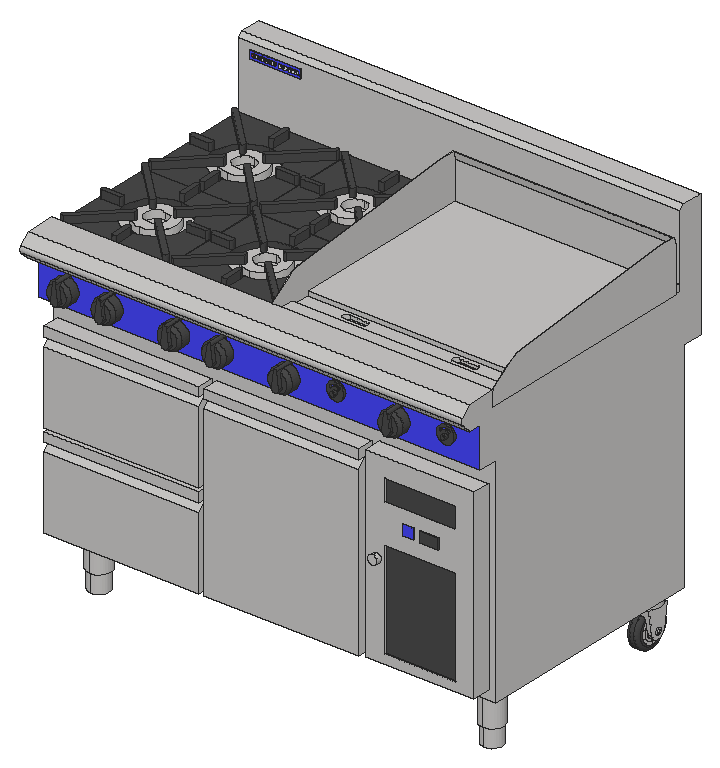
Revit family "QF_MOFFAT_BLUESEAL_CE_G518B-RB", category Specialty Equipment, Revit 2012
Parameters
  Weight in Pounds = 435  # constant formula
  Watts = 250 W
  Volts = 230 V
  URL Cutsheet = "www.moffat.com"
  URL = "www.moffat.com"
  Type Mark [instance] = ""
  Status [instance] = ""
  Specification by User [instance] = ""
  Specification by Manufacturer = ""
  Show Logo [instance] = yes
  Show Clearance [instance] = yes
  Show Casters [instance] = yes
  Serial Number = ""
  Seismic Rating = ""
  SMACNA No = ""
  Revision Code [instance] = ""
  Refrigerant Type = "R134a"
  Phase = 1
  Omniclass Number and Title = ""
  Number of Poles = 1
  NAFEM Spec ID Number = ""
  Model = "G518B-RB"
  Min Ckt Ampacity = 0 A
  Mechanical Remarks [instance] = ""
  Mechanical Connection Type [instance] = ""
  Max Overcurrent Protection = 0 A
  Masterspec = ""
  Manufacturer = "MOFFAT BLUESEAL"
  Legs [instance] = not(Show Casters)  # no
  Item Number [instance] = ""
  Installed By [instance] = ""
  Identify Quantity as Lot [instance] = yes
  HP = ""
  Gas Size = 3/4"
  Gas RI Height [instance] = 0.0 mm
  Gas KW [instance] = 40
  Gas Input [instance] = 137000.0 Btu/h
  Gas Connection Height = 0.0 mm
  Furnished By [instance] = ""
  Foodservice Equipment Identifier [instance] = yes
  FL Amps = 1.8 A
  Elec Conn RI Height = 0.0 mm
  Elec Conn Connection Height = 0.0 mm
  Description = "1200MM GAS COOK TOP ON REFRIGERATED BASE"
  Cycle = 50 Hz
  Conn Plug = ""
  Conn Conduit = yes
  CSI MasterFormat = ""
  CSI Master Format = ""
  Body Height [instance] = 915.0 mm
  Base Height [instance] = 150.0 mm
  Apparent Power = if(Phase = 3, Volts * FL Amps * 1.73, Volts * FL Amps)  # 414 VA
Reference planes
  plane 1 "BACK": y = 0
  plane 2: z = 0
  plane 3 "LEFT": x = 0
  plane 4 "RIGHT": x = 1200
  plane 5 "FRONT": y = -812
  plane 6 "TOP": z = 970
  plane 7 "Center Y": x = 600
  plane 8 "Center X": y = -406
  plane 9 "Base Height": z = 150
  plane 10: x = 1134
  plane 11: x = 65
  plane 12: z = 915
  plane 13: x = 1181
  plane 14: x = 973
  plane 15: y = -625
  plane 16: y = -100
  plane 17: z = 1085
Forms (mm)
  Extrusion 1, solid, material "QF_Finishes_Stainless Steel"
    sketch origin (0, 0, 0) x (0, 1, 0) y (0, 0, 1)
      loop
        line (0, 740) -> (0, 1085) -> (-57.5, 1085) -> (-70, 1072.5) -> (-70, 875) -> (-705, 875) -> (-705, 915) -> (-783.97, 915) -> (-808.485, 890.485)
        arc (-808.485, 890.485) -> (-811.999, 882) -> (-808.485, 873.515) r 12
        line (-808.485, 873.515) -> (-784.97, 850) -> (-749, 850) -> (-749, 740) -> (-697, 740) -> (-697, 150) -> (-57, 150) -> (-57, 740) -> (0, 740)
    from 0 to 1200
  Extrusion 2, solid, material "QF_Finishes_Stainless Steel"
    sketch origin (705, 3, 100) x (1, 0, 0) y (0, 1, 0)
      loop
        circle (365, -35) r 13.5
    from 555 to 640
  Revolve 3, solid, material "QF_Finishes_Black"
    sketch origin (89.687, 0, 759.972) x (0, 1, 0) y (0, 0, -1)
      loop
        line (-789, -69.5) -> (-766, -69.5) -> (-766, -42) -> (-756, -42) -> (-756, -37) -> (-800, -37) -> (-800, -63.651) -> (-789, -69.5)
      axis (-800, -37) -> (-756, -37)
    angle from 0 to 360
  Extrusion 4, solid, material "QF_Finishes_Black"
    sketch origin (227.956, 0, 760.13) x (-1, 0, 0) y (0, 0, -1)
      loop
        line (127.537, -26.064) -> (132.958, -68.983)
        arc (132.958, -68.983) -> (137.956, -73.87) -> (142.955, -68.983) r 5
        line (142.955, -68.983) -> (148.444, -24.898)
        arc (148.444, -24.898) -> (137.372, -14.399) -> (127.537, -26.064) r 10.487
    from 759 to 808
  Revolve 5, solid, material "QF_Finishes_Stainless Steel"
    sketch origin (65, -735, 0) x (0, 1, 0) y (0, 0, 1)
      loop
        line (78.25, 150) -> (78.25, 50) -> (82.5, 50) -> (82.5, 0) -> (110, 0) -> (110, 150) -> (78.25, 150)
      axis (110, 150) -> (110, 0)
    angle from 0 to 360
  Revolve 6, solid, material "QF_Finishes_Stainless Steel"
    sketch origin (1134, -735, 0) x (0, 1, 0) y (0, 0, -1)
      loop
        line (78.25, -150) -> (110, -150) -> (110, 0) -> (82.5, 0) -> (82.5, -50) -> (78.25, -50) -> (78.25, -150)
      axis (110, -150) -> (110, 0)
    angle from 0 to 360
  Extrusion 7, solid, material "QF_Finishes_Stainless Steel"
    sketch origin (0, 0, 0) x (0, 1, 0) y (0, 0, 1)
      loop
        line (-754, 678) -> (-754, 653) -> (-709.18, 653) -> (-709.18, 678) -> (-754, 678)
      loop
        line (-754, 421) -> (-754, 396) -> (-709.18, 396) -> (-709.18, 421) -> (-754, 421)
    from 19 to 439
  Extrusion 8, solid, material "QF_Finishes_Stainless Steel"
    sketch origin (0, -697, 222.5) x (0, 0, -1) y (1, 0, 0)
      loop
        line (-455.5, 1181) -> (-455.5, 887) -> (48.5, 887) -> (48.5, 1181) -> (-455.5, 1181)
      loop
        line (23.5, 1131) -> (-241.5, 1131) -> (-241.5, 937) -> (23.5, 937) -> (23.5, 1131)
      loop
        line (-405.5, 1131) -> (-405.5, 937) -> (-345.5, 937) -> (-345.5, 1131) -> (-405.5, 1131)
    from 0 to 48
  Extrusion 9, solid, material "QF_Finishes_Black"
    sketch origin (0, -745, 222.5) x (0, 0, -1) y (1, 0, 0)
      loop
        line (-311.04, 1035.003) -> (-281.04, 1035.003) -> (-281.04, 1083.315) -> (-311.04, 1083.315) -> (-311.04, 1035.003)
    from 0 to 1
  Extrusion 10, solid, material "QF_Finishes_Stainless Steel"
    sketch origin (0, -745, 222.5) x (0, 0, -1) y (1, 0, 0)
      loop
        circle (-202.271, 914.856) r 12.395
    from 0 to 12.7
  Extrusion 11, solid, material "QF_Finishes_Vents"
    sketch origin (0, -697, 222.5) x (0, 0, 1) y (1, 0, 0)
      loop
        line (345.5, 937) -> (405.5, 937) -> (405.5, 1131) -> (345.5, 1131) -> (345.5, 937)
      loop
        line (241.5, 937) -> (241.5, 1131) -> (-23.5, 1131) -> (-23.5, 937) -> (241.5, 937)
    from 0 to -44.529
  Extrusion 12, solid, material "QF_Door-Drawer Clearances", visible <- "Show Clearance", detail levels coarse
    sketch origin (0, -747, 174) x (0, 0, 1) y (-1, 0, 0)
      loop
        line (0, -19) -> (0, -439) -> (247, -439) -> (247, -19) -> (0, -19)
      loop
        line (257, -19) -> (257, -439) -> (504, -439) -> (504, -19) -> (257, -19)
    from 0 to 304.8
  Extrusion 13, solid, material "QF_Finishes_Stainless Steel"
    sketch origin (0, 0, 0) x (0, 1, 0) y (0, 0, 1)
      loop
        line (-709.18, 174) -> (-709.18, 650.613) -> (-731.387, 650.613) -> (-754, 628) -> (-754, 174) -> (-709.18, 174)
    from 453 to 873
  Extrusion 14, solid, material "QF_Door-Drawer Clearances", visible <- "Show Clearance", detail levels coarse
    sketch origin (0, -754, 174) x (1, 0, 0) y (0, -1, 0)
      loop
        line (453, 0) -> (873, 0) -> (873, 420)
        arc (873, 420) -> (576.015, 296.985) -> (453, 0) r 420
    from 0 to -504
  Extrusion 15, solid, material "QF_Finishes_Stainless Steel"
    sketch origin (0, -57, 735) x (0, 0, 1) y (1, 0, 0)
      loop
        circle (-315, 920) r 6.35
    from 0 to 1.6
  Extrusion 16, solid, material "QF_Finishes_Stainless Steel"
    sketch origin (0, 0, 0) x (0, 1, 0) y (0, 0, 1)
      loop
        line (-754, 431) -> (-709.18, 431) -> (-709.18, 650.613) -> (-731.387, 650.613) -> (-754, 628) -> (-754, 431)
      loop
        line (-754, 174) -> (-709.18, 174) -> (-709.18, 393.613) -> (-731.387, 393.613) -> (-754, 371) -> (-754, 174)
    from 19 to 439
  Extrusion 17, solid, material "QF_Finishes_Stainless Steel"
    sketch origin (0, 0, 0) x (0, 1, 0) y (0, 0, 1)
      loop
        line (-709.18, 653) -> (-709.18, 678) -> (-754, 678) -> (-754, 653) -> (-709.18, 653)
    from 453 to 873
  Revolve 18, solid, material "QF_Finishes_Black"
    sketch origin (210, 0, 760) x (0, 1, 0) y (0, 0, -1)
      loop
        line (-789, -69.5) -> (-766, -69.5) -> (-766, -42) -> (-756, -42) -> (-756, -37) -> (-800, -37) -> (-800, -63.651) -> (-789, -69.5)
      axis (-800, -37) -> (-756, -37)
    angle from 0 to 360
  Extrusion 19, solid, material "QF_Finishes_Black"
    sketch origin (348.27, 0, 760.158) x (-1, 0, 0) y (0, 0, -1)
      loop
        line (127.537, -26.064) -> (132.958, -68.983)
        arc (132.958, -68.983) -> (137.956, -73.87) -> (142.955, -68.983) r 5
        line (142.955, -68.983) -> (148.444, -24.898)
        arc (148.444, -24.898) -> (137.372, -14.399) -> (127.537, -26.064) r 10.487
    from 759 to 808
  Revolve 20, solid, material "QF_Finishes_Black"
    sketch origin (390, 0, 760) x (0, 1, 0) y (0, 0, -1)
      loop
        line (-789, -69.5) -> (-766, -69.5) -> (-766, -42) -> (-756, -42) -> (-756, -37) -> (-800, -37) -> (-800, -63.651) -> (-789, -69.5)
      axis (-800, -37) -> (-756, -37)
    angle from 0 to 360
  Extrusion 21, solid, material "QF_Finishes_Black"
    sketch origin (528.27, 0, 760.158) x (-1, 0, 0) y (0, 0, -1)
      loop
        line (127.537, -26.064) -> (132.958, -68.983)
        arc (132.958, -68.983) -> (137.956, -73.87) -> (142.955, -68.983) r 5
        line (142.955, -68.983) -> (148.444, -24.898)
        arc (148.444, -24.898) -> (137.372, -14.399) -> (127.537, -26.064) r 10.487
    from 759 to 808
  Revolve 22, solid, material "QF_Finishes_Black"
    sketch origin (690, 0, 760) x (0, 1, 0) y (0, 0, -1)
      loop
        line (-789, -69.5) -> (-766, -69.5) -> (-766, -42) -> (-756, -42) -> (-756, -37) -> (-800, -37) -> (-800, -63.651) -> (-789, -69.5)
      axis (-800, -37) -> (-756, -37)
    angle from 0 to 360
  Extrusion 23, solid, material "QF_Finishes_Black"
    sketch origin (828.27, 0, 760.158) x (-1, 0, 0) y (0, 0, -1)
      loop
        line (127.537, -26.064) -> (132.958, -68.983)
        arc (132.958, -68.983) -> (137.956, -73.87) -> (142.955, -68.983) r 5
        line (142.955, -68.983) -> (148.444, -24.898)
        arc (148.444, -24.898) -> (137.372, -14.399) -> (127.537, -26.064) r 10.487
    from 759 to 808
  Revolve 24, solid, material "QF_Finishes_Black"
    sketch origin (990, 0, 760) x (0, 1, 0) y (0, 0, -1)
      loop
        line (-789, -69.5) -> (-766, -69.5) -> (-766, -42) -> (-756, -42) -> (-756, -37) -> (-800, -37) -> (-800, -63.651) -> (-789, -69.5)
      axis (-800, -37) -> (-756, -37)
    angle from 0 to 360
  Extrusion 25, solid, material "QF_Finishes_Black"
    sketch origin (1128.27, 0, 760.158) x (-1, 0, 0) y (0, 0, -1)
      loop
        line (127.537, -26.064) -> (132.958, -68.983)
        arc (132.958, -68.983) -> (137.956, -73.87) -> (142.955, -68.983) r 5
        line (142.955, -68.983) -> (148.444, -24.898)
        arc (148.444, -24.898) -> (137.372, -14.399) -> (127.537, -26.064) r 10.487
    from 759 to 808
  Revolve 26, solid, material "QF_Finishes_Black"
    sketch origin (510.313, 0, 760.028) x (0, 1, 0) y (0, 0, -1)
      loop
        line (-789, -69.5) -> (-766, -69.5) -> (-766, -42) -> (-756, -42) -> (-756, -37) -> (-800, -37) -> (-800, -63.651) -> (-789, -69.5)
      axis (-800, -37) -> (-756, -37)
    angle from 0 to 360
  Extrusion 27, solid, material "QF_Finishes_Black"
    sketch origin (648.583, 0, 760.186) x (-1, 0, 0) y (0, 0, -1)
      loop
        line (127.537, -26.064) -> (132.958, -68.983)
        arc (132.958, -68.983) -> (137.956, -73.87) -> (142.955, -68.983) r 5
        line (142.955, -68.983) -> (148.444, -24.898)
        arc (148.444, -24.898) -> (137.372, -14.399) -> (127.537, -26.064) r 10.487
    from 759 to 808
  Revolve 28, solid, material "QF_Finishes_Stainless Steel", visible <- "Legs"
    sketch origin (65.5, -166, 0) x (0, 1, 0) y (0, 0, 1)
      loop
        line (34.25, 150) -> (34.25, 50) -> (38.5, 50) -> (38.5, 0) -> (66, 0) -> (66, 150) -> (34.25, 150)
      axis (66, 150) -> (66, 0)
    angle from 0 to 360
  Revolve 29, solid, material "QF_Finishes_Stainless Steel", visible <- "Show Casters"
    sketch origin (16.276, -100.755, -12.8) x (1, 0, 0) y (0, 0, 1)
      loop
        line (14.841, 63.604) -> (83.584, 63.604) -> (83.584, 67.109) -> (82.314, 68.379) -> (80.79, 68.379) -> (80.79, 71.826) -> (68.644, 71.826) -> (68.644, 81.79) -> (65.088, 83.843) -> (63.738, 92.179) -> (65.881, 92.179) -> (65.881, 98.529) -> (65.088, 98.529) -> (65.088, 104.879)
        arc (65.088, 104.879) -> (62.298, 111.614) -> (55.563, 114.404) r 9.525
        line (55.563, 114.404) -> (42.863, 114.404)
        arc (42.863, 114.404) -> (36.127, 111.614) -> (33.338, 104.879) r 9.525
        line (33.338, 104.879) -> (33.338, 98.529) -> (32.544, 98.529) -> (32.544, 92.179) -> (34.687, 92.179) -> (33.352, 83.932) -> (29.782, 81.871) -> (29.782, 71.826) -> (17.635, 71.826) -> (17.635, 68.379) -> (16.111, 68.379) -> (14.841, 67.109) -> (14.841, 63.604)
      axis (14.841, 63.604) -> (83.584, 63.604)
    angle from 0 to 360
  Extrusion 30, solid, material "QF_Finishes_Stainless Steel", visible <- "Show Casters"
    sketch origin (72.001, 132.353, -8.783) x (0, 1, 0) y (0, 0, 1)
      loop
        line (-200.603, 118.783) -> (-264.103, 118.783) -> (-251.746, 53.895)
        arc (-251.746, 53.895) -> (-232.353, 38.783) -> (-212.959, 53.895) r 20
        line (-212.959, 53.895) -> (-200.603, 118.783)
    from -35.667 to 22.923
  Revolve 31, solid, material "QF_Finishes_Stainless Steel", visible <- "Show Casters"
    sketch origin (65.5, -204, 0) x (0, 1, 0) y (0, 0, 1)
      loop
        line (68.25, 150) -> (68.25, 110) -> (104, 110) -> (104, 150) -> (68.25, 150)
      axis (104, 150) -> (104, 110)
    angle from 0 to 360
  Revolve 32, solid, material "QF_Finishes_Stainless Steel", visible <- "Legs"
    sketch origin (65.5, -166, 0) x (0, 1, 0) y (0, 0, 1)
      loop
        line (34.25, 150) -> (34.25, 50) -> (38.5, 50) -> (38.5, 0) -> (66, 0) -> (66, 150) -> (34.25, 150)
      axis (66, 150) -> (66, 0)
    angle from 0 to 360
  Revolve 33, solid, material "QF_Finishes_Stainless Steel", visible <- "Legs"
    sketch origin (1134.5, -166, 0) x (0, 1, 0) y (0, 0, -1)
      loop
        line (34.25, -150) -> (66, -150) -> (66, 0) -> (38.5, 0) -> (38.5, -50) -> (34.25, -50) -> (34.25, -150)
      axis (66, -150) -> (66, 0)
    angle from 0 to 360
  Revolve 34, solid, material "QF_Finishes_Stainless Steel", visible <- "Show Casters"
    sketch origin (1183.724, -100.755, -12.8) x (-1, 0, 0) y (0, 0, -1)
      loop
        line (14.841, -63.604) -> (14.841, -67.109) -> (16.111, -68.379) -> (17.635, -68.379) -> (17.635, -71.826) -> (29.782, -71.826) -> (29.782, -81.871) -> (33.352, -83.932) -> (34.687, -92.179) -> (32.544, -92.179) -> (32.544, -98.529) -> (33.338, -98.529) -> (33.338, -104.879)
        arc (33.338, -104.879) -> (36.127, -111.614) -> (42.863, -114.404) r 9.525
        line (42.863, -114.404) -> (55.563, -114.404)
        arc (55.563, -114.404) -> (62.298, -111.614) -> (65.088, -104.879) r 9.525
        line (65.088, -104.879) -> (65.088, -98.529) -> (65.881, -98.529) -> (65.881, -92.179) -> (63.738, -92.179) -> (65.088, -83.843) -> (68.644, -81.79) -> (68.644, -71.826) -> (80.79, -71.826) -> (80.79, -68.379) -> (82.314, -68.379) -> (83.584, -67.109) -> (83.584, -63.604) -> (14.841, -63.604)
      axis (14.841, -63.604) -> (83.584, -63.604)
    angle from 0 to 360
  Extrusion 35, solid, material "QF_Finishes_Stainless Steel", visible <- "Show Casters"
    sketch origin (1127.999, 132.353, -8.783) x (0, 1, 0) y (0, 0, -1)
      loop
        line (-200.603, -118.783) -> (-212.959, -53.895)
        arc (-212.959, -53.895) -> (-232.353, -38.783) -> (-251.746, -53.895) r 20
        line (-251.746, -53.895) -> (-264.103, -118.783) -> (-200.603, -118.783)
    from -35.667 to 22.923
  Revolve 36, solid, material "QF_Finishes_Stainless Steel", visible <- "Show Casters"
    sketch origin (1134.5, -204, 0) x (0, 1, 0) y (0, 0, -1)
      loop
        line (68.25, -150) -> (104, -150) -> (104, -110) -> (68.25, -110) -> (68.25, -150)
      axis (104, -150) -> (104, -110)
    angle from 0 to 360
  Revolve 37, solid, material "QF_Finishes_Stainless Steel", visible <- "Legs"
    sketch origin (1134.5, -166, 0) x (0, 1, 0) y (0, 0, -1)
      loop
        line (34.25, -150) -> (66, -150) -> (66, 0) -> (38.5, 0) -> (38.5, -50) -> (34.25, -50) -> (34.25, -150)
      axis (66, -150) -> (66, 0)
    angle from 0 to 360
  Extrusion 38, solid, material "QF_Finishes_Black"
    sketch origin (0, -749, 850) x (0, 0, -1) y (1, 0, 0)
      loop
        circle (53, 810) r 23.9
      loop
        circle (53, 1110) r 23.9
      loop
        arc (45.641, 1118.419) -> (46.501, 1123.219) -> (41.701, 1124.079) r 3.448
        arc (41.701, 1124.079) -> (35.116, 1109.341) -> (42.919, 1095.209) r 18.095
        arc (42.919, 1095.209) -> (47.641, 1096.491) -> (46.326, 1101.204) r 3.448
        arc (46.326, 1101.204) -> (42.758, 1109.683) -> (45.641, 1118.419) r 13.109
      loop
        arc (45.641, 818.419) -> (46.501, 823.219) -> (41.701, 824.079) r 3.448
        arc (41.701, 824.079) -> (35.116, 809.341) -> (42.919, 795.209) r 18.095
        arc (42.919, 795.209) -> (47.641, 796.491) -> (46.326, 801.204) r 3.448
        arc (46.326, 801.204) -> (42.758, 809.683) -> (45.641, 818.419) r 13.109
    from 0 to 5
  Extrusion 39, solid, material "QF_Finishes_Black"
    sketch origin (0, -754, 850) x (0, 0, -1) y (1, 0, 0)
      loop
        circle (56.5, 810) r 5.75
      loop
        circle (56.5, 1110) r 5.75
    from 0 to 10
  Extrusion 40, solid, material "QF_Finishes_Blue"
    sketch origin (0, -745, 222.5) x (0, 0, -1) y (1, 0, 0)
      loop
        line (-311.04, 987.426) -> (-281.04, 987.426) -> (-281.04, 1017.426) -> (-311.04, 1017.426) -> (-311.04, 987.426)
    from 0 to 1
Lines and regions (mm)
  Split face 1
    outline origin (0, -22, 1085) x (0, 1, 0) y (-1, 0, 0)
      loop
        arc (-23.385, -1164.794) -> (-18.385, -1173.455) -> (-8.385, -1173.455) r 10
        line (-8.385, -1173.455) -> (-1.385, -1169.413)
        arc (-1.385, -1169.413) -> (2.275, -1165.753) -> (3.615, -1160.753) r 10
        line (3.615, -1160.753) -> (3.615, -932.794)
        arc (3.615, -932.794) -> (-1.385, -924.134) -> (-11.385, -924.134) r 10
        line (-11.385, -924.134) -> (-18.385, -928.176)
        arc (-18.385, -928.176) -> (-22.045, -931.836) -> (-23.385, -936.836) r 10
        line (-23.385, -936.836) -> (-23.385, -1164.794)
  Split face 2
    outline origin (0, -22, 1085) x (0, 1, 0) y (-1, 0, 0)
      loop
        arc (-23.385, -864.794) -> (-18.385, -873.455) -> (-8.385, -873.455) r 10
        line (-8.385, -873.455) -> (-1.385, -869.413)
        arc (-1.385, -869.413) -> (2.275, -865.753) -> (3.615, -860.753) r 10
        line (3.615, -860.753) -> (3.615, -632.794)
        arc (3.615, -632.794) -> (-1.385, -624.134) -> (-11.385, -624.134) r 10
        line (-11.385, -624.134) -> (-18.385, -628.176)
        arc (-18.385, -628.176) -> (-22.045, -631.836) -> (-23.385, -636.836) r 10
        line (-23.385, -636.836) -> (-23.385, -864.794)
  Split face 3
    outline origin (0, -22, 1085) x (0, 1, 0) y (-1, 0, 0)
      loop
        arc (-23.385, -564.794) -> (-18.385, -573.455) -> (-8.385, -573.455) r 10
        line (-8.385, -573.455) -> (-1.385, -569.413)
        arc (-1.385, -569.413) -> (2.275, -565.753) -> (3.615, -560.753) r 10
        line (3.615, -560.753) -> (3.615, -332.794)
        arc (3.615, -332.794) -> (-1.385, -324.134) -> (-11.385, -324.134) r 10
        line (-11.385, -324.134) -> (-18.385, -328.176)
        arc (-18.385, -328.176) -> (-22.045, -331.836) -> (-23.385, -336.836) r 10
        line (-23.385, -336.836) -> (-23.385, -564.794)
  Split face 4
    outline origin (0, -22, 1085) x (0, 1, 0) y (-1, 0, 0)
      loop
        arc (-23.385, -264.794) -> (-18.385, -273.455) -> (-8.385, -273.455) r 10
        line (-8.385, -273.455) -> (-1.385, -269.413)
        arc (-1.385, -269.413) -> (2.275, -265.753) -> (3.615, -260.753) r 10
        line (3.615, -260.753) -> (3.615, -32.794)
        arc (3.615, -32.794) -> (-1.385, -24.134) -> (-11.385, -24.134) r 10
        line (-11.385, -24.134) -> (-18.385, -28.176)
        arc (-18.385, -28.176) -> (-22.045, -31.836) -> (-23.385, -36.836) r 10
        line (-23.385, -36.836) -> (-23.385, -264.794)
  symbolic lines, style "QF_Door-Drawer Clearances"
    curve 1: line (19, -812, 150) -> (19, -1058.8, 150)
    curve 2: line (19, -1058.8, 150) -> (439, -1058.8, 150)
    curve 3: line (439, -1058.8, 150) -> (439, -812, 150)
    curve 4: arc (512.99, -970.316, 150) -> (477.409, -895.095, 150) -> (457.356, -814.336, 150) r 420
    curve 5: line (776.472, -812, 150) -> (512.99, -970.316, 150)
  symbolic lines, style "SpecialityEquipmentHiddenLines", visible <- "Show Casters"
    curve 6: line (78.456, -46.735, 0) -> (105.952, -62.61, 0)
    curve 7: line (27.656, -134.723, 0) -> (78.456, -46.735, 0)
    curve 8: line (55.152, -150.598, 0) -> (27.656, -134.723, 0)
    curve 9: line (105.952, -62.61, 0) -> (55.152, -150.598, 0)
    curve 10: line (1125.152, -150.598, 0) -> (1097.656, -134.723, 0)
    curve 11: line (1175.952, -62.61, 0) -> (1125.152, -150.598, 0)
    curve 52: line (1148.456, -46.735, 0) -> (1097.656, -134.723, 0)
    curve 53: line (1175.952, -62.61, 0) -> (1148.456, -46.735, 0)
  symbolic lines
    curve 12: line (32.794, -18.385, 0) -> (260.753, -18.385, 0)
    curve 13: arc (260.753, -18.385, 0) -> (265.753, -19.725, 0) -> (269.413, -23.385, 0) r 10
    curve 14: line (269.413, -23.385, 0) -> (273.455, -30.385, 0)
    curve 15: arc (273.455, -30.385, 0) -> (273.455, -40.385, 0) -> (264.794, -45.385, 0) r 10
    curve 16: line (264.794, -45.385, 0) -> (36.836, -45.385, 0)
    curve 17: arc (36.836, -45.385, 0) -> (31.836, -44.045, 0) -> (28.176, -40.385, 0) r 10
    curve 18: line (28.176, -40.385, 0) -> (24.134, -33.385, 0)
    curve 19: arc (24.134, -33.385, 0) -> (24.134, -23.385, 0) -> (32.794, -18.385, 0) r 10
    curve 20: line (560.753, -18.385, 0) -> (332.794, -18.385, 0)
    curve 21: arc (332.794, -18.385, 0) -> (324.134, -23.385, 0) -> (324.134, -33.385, 0) r 10
    curve 22: line (324.134, -33.385, 0) -> (328.176, -40.385, 0)
    curve 23: arc (328.176, -40.385, 0) -> (331.836, -44.045, 0) -> (336.836, -45.385, 0) r 10
    curve 24: line (336.836, -45.385, 0) -> (564.794, -45.385, 0)
    curve 25: arc (564.794, -45.385, 0) -> (573.455, -40.385, 0) -> (573.455, -30.385, 0) r 10
    curve 26: line (573.455, -30.385, 0) -> (569.413, -23.385, 0)
    curve 27: arc (569.413, -23.385, 0) -> (565.753, -19.725, 0) -> (560.753, -18.385, 0) r 10
    curve 28: line (632.794, -18.385, 0) -> (860.753, -18.385, 0)
    curve 29: arc (860.753, -18.385, 0) -> (865.753, -19.725, 0) -> (869.413, -23.385, 0) r 10
    curve 30: line (869.413, -23.385, 0) -> (873.455, -30.385, 0)
    curve 31: arc (873.455, -30.385, 0) -> (873.455, -40.385, 0) -> (864.794, -45.385, 0) r 10
    curve 32: line (864.794, -45.385, 0) -> (636.836, -45.385, 0)
    curve 33: arc (636.836, -45.385, 0) -> (631.836, -44.045, 0) -> (628.176, -40.385, 0) r 10
    curve 34: line (628.176, -40.385, 0) -> (624.134, -33.385, 0)
    curve 35: arc (624.134, -33.385, 0) -> (624.134, -23.385, 0) -> (632.794, -18.385, 0) r 10
    curve 36: line (1160.753, -18.385, 0) -> (932.794, -18.385, 0)
    curve 37: arc (932.794, -18.385, 0) -> (924.134, -23.385, 0) -> (924.134, -33.385, 0) r 10
    curve 38: line (924.134, -33.385, 0) -> (928.176, -40.385, 0)
    curve 39: arc (928.176, -40.385, 0) -> (931.836, -44.045, 0) -> (936.836, -45.385, 0) r 10
    curve 40: line (936.836, -45.385, 0) -> (1164.794, -45.385, 0)
    curve 41: arc (1164.794, -45.385, 0) -> (1173.455, -40.385, 0) -> (1173.455, -30.385, 0) r 10
    curve 42: line (1173.455, -30.385, 0) -> (1169.413, -23.385, 0)
    curve 43: arc (1169.413, -23.385, 0) -> (1165.753, -19.725, 0) -> (1160.753, -18.385, 0) r 10
    curve 44: line (1200, 0, 0) -> (0, 0, 0)
    curve 45: line (1200, -57, 0) -> (0, -57, 0)
    curve 46: line (0, -70, 0) -> (1200, -70, 0)
    curve 47: line (-1, -705, 0) -> (1199, -705, 0)
    curve 48: line (0, -783.97, 0) -> (1200, -783.97, 0)
    curve 49: line (0, -811.999, 0) -> (1200, -811.999, 0)
    curve 50: line (1200, -811.999, 0) -> (1200, 0, 0)
    curve 51: line (0, 0, 0) -> (0, -811.999, 0)
Dimensions and locks
  equal spacing: plane 3 "LEFT", plane 7 "Center Y", plane 4 "RIGHT"
  plane 3 "LEFT" to plane 4 "RIGHT" = 1200.0 mm
  equal spacing: plane 5 "FRONT", plane 8 "Center X", plane 1 "BACK"
  plane 5 "FRONT" to plane 1 "BACK" = 812.0 mm
  "Base Height": plane 9 "Base Height" to level
  plane 6 "TOP" to level = 970.0 mm
  plane 10 to plane 11 = 1069.0 mm
  level to Extrusion 2 = 655.0 mm
  Extrusion 1 to Extrusion 7 = 19.0 mm
  Extrusion 8 sketch curve to Extrusion 8 sketch curve = 294.0 mm
  plane 15 to plane 16 = 525.0 mm
  plane 17 to plane 2 = 1085.0 mm
  Extrusion 15 sketch curve to plane 4 "RIGHT" = 280.0 mm
  Extrusion 15 sketch curve to plane 2 = 420.0 mm
  Revolve 29 sketch curve to Revolve 29 sketch curve = 50.8 mm
  Revolve 34 sketch curve to Revolve 34 sketch curve = 50.8 mm
  aligned and locked: level to plane 2
Automatic sketch dimensions
  curve 45 to plane 3 "LEFT" = 0.0 mm
  curve 48 to plane 4 "RIGHT" = 0.0 mm
  plane 1 "BACK" to curve 44 = 0.0 mm
  curve 47 to plane 3 "LEFT" = 1.0 mm
  plane 3 "LEFT" to curve 18 = 24.134 mm
  plane 3 "LEFT" to curve 8 = 27.656 mm
  curve 19 to curve 17 = 4.041 mm
  curve 18 to curve 19 = 8.66 mm
  curve 17 to curve 17 = 8.66 mm
  curve 8 to plane 11 = 9.848 mm
  plane 11 to curve 7 = 13.456 mm
  plane 1 "BACK" to curve 12 = 18.385 mm
  curve 6 to curve 12 = 154.801 mm
  curve 13 to curve 15 = 4.041 mm  (x2)
  curve 13 to curve 13 = 8.66 mm
  curve 14 to curve 21 = 50.679 mm
  curve 22 to curve 23 = 4.041 mm
  curve 21 to curve 21 = 8.66 mm
  curve 23 to curve 23 = 8.66 mm
  plane 1 "BACK" to curve 27 = 18.385 mm
  curve 27 to plane 7 "Center Y" = 39.247 mm
  curve 27 to curve 24 = 4.041 mm
  plane 1 "BACK" to curve 26 = 23.385 mm
  curve 27 to curve 26 = 8.66 mm
  curve 26 to curve 25 = 4.041 mm
  plane 7 "Center Y" to curve 35 = 24.134 mm
  curve 35 to curve 34 = 4.041 mm
  curve 34 to curve 28 = 8.66 mm
  curve 33 to curve 32 = 8.66 mm
  plane 1 "BACK" to curve 29 = 18.385 mm
  curve 29 to plane 14 = 112.247 mm
  curve 29 to curve 31 = 4.041 mm
  curve 29 to curve 29 = 8.66 mm
  plane 1 "BACK" to curve 30 = 30.385 mm
  curve 29 to curve 30 = 4.041 mm
  curve 38 to plane 14 = 48.866 mm
  curve 37 to curve 38 = 4.041 mm
  curve 37 to curve 37 = 8.66 mm
  curve 37 to curve 39 = 4.041 mm
  curve 52 to plane 10 = 36.344 mm
  curve 10 to plane 10 = 8.848 mm
  plane 10 to curve 53 = 14.456 mm
  curve 52 to curve 43 = 12.297 mm
  curve 43 to curve 41 = 4.041 mm
  curve 36 to curve 42 = 8.66 mm
  curve 43 to curve 42 = 4.041 mm
  plane 4 "RIGHT" to curve 47 = 1.0 mm
  curve 34 to curve 28 = 15.0 mm
  curve 18 to curve 12 = 15.0 mm
  curve 21 to curve 20 = 15.0 mm
  plane 1 "BACK" to curve 38 = 33.385 mm
  curve 31 to curve 31 = 5.0 mm
  curve 25 to curve 27 = 7.0 mm
  curve 15 to curve 12 = 17.0 mm
  curve 17 to curve 19 = 7.0 mm
  curve 33 to curve 35 = 7.0 mm
  curve 23 to curve 21 = 7.0 mm
  plane 1 "BACK" to curve 41 = 35.385 mm
  curve 39 to curve 37 = 2.0 mm
  curve 39 to curve 37 = 7.0 mm  (x2)
  curve 18 to curve 19 = 7.0 mm
  curve 22 to curve 22 = 7.0 mm
  curve 53 to curve 41 = 1.35 mm
  curve 6 to curve 17 = 1.35 mm
  curve 45 to curve 40 = 11.615 mm
  curve 53 to curve 41 = 17.225 mm
  curve 6 to curve 6 = 15.875 mm
  curve 46 to curve 45 = 13.0 mm
  curve 47 to plane 15 = 80.0 mm
  curve 48 to plane 5 "FRONT" = 28.03 mm
  curve 51 to plane 5 "FRONT" = 0.001 mm
  curve 31 to curve 29 = 7.0 mm
  curve 15 to curve 13 = 7.0 mm
  curve 41 to curve 43 = 7.0 mm
  Extrusion 1 sketch curve to plane 12 = 0.0 mm
  Extrusion 1 sketch curve to plane 9 "Base Height" = 0.0 mm
  Extrusion 1 sketch curve to plane 17 = 0.0 mm
  Extrusion 1 sketch curve to plane 1 "BACK" = 0.0 mm
  plane 16 to Extrusion 1 sketch curve = 43.0 mm
  plane 16 to Extrusion 1 sketch curve = 42.5 mm
  Extrusion 1 sketch curve to Extrusion 1 sketch curve = 12.5 mm
  Extrusion 1 sketch curve to plane 15 = 72.0 mm
  Extrusion 1 sketch curve to plane 15 = 80.0 mm
  Extrusion 1 sketch curve to Extrusion 1 sketch curve = 52.0 mm
  Extrusion 1 sketch curve to plane 5 "FRONT" = 28.03 mm
  Extrusion 1 sketch curve to plane 5 "FRONT" = 27.03 mm
  Extrusion 1 sketch curve to plane 5 "FRONT" = 12.001 mm
  Extrusion 1 sketch curve to plane 5 "FRONT" = 3.515 mm  (x2)
  Extrusion 1 sketch curve to plane 12 = 175.0 mm  (x2)
  Extrusion 1 sketch curve to plane 12 = 65.0 mm
  Extrusion 1 sketch curve to Extrusion 1 sketch curve = 23.515 mm
  Extrusion 1 sketch curve to Extrusion 1 sketch curve = 40.0 mm
  Extrusion 1 sketch curve to Extrusion 1 sketch curve = 8.485 mm
  Extrusion 1 sketch curve to plane 17 = 12.5 mm
  plane 1 "BACK" to Extrusion 2 sketch curve = 32.0 mm
  Extrusion 2 sketch curve to plane 10 = 64.0 mm
  Revolve 3 sketch curve to plane 5 "FRONT" = 12.0 mm
  Revolve 3 sketch curve to Revolve 3 sketch curve = 0.0 mm  (x2)
  Revolve 3 sketch curve to Revolve 3 sketch curve = 11.0 mm
  Revolve 3 sketch curve to Revolve 3 sketch curve = 12.7 mm
  Revolve 3 sketch curve to Revolve 3 sketch curve = 23.0 mm
  Revolve 3 sketch curve to Revolve 3 sketch curve = 10.0 mm
  Revolve 3 sketch curve to plane 12 = 85.528 mm
  Revolve 3 sketch curve to Revolve 3 sketch curve = 5.849 mm
  Revolve 3 sketch curve to Revolve 3 sketch curve = 27.5 mm
  Revolve 3 sketch curve to Revolve 3 sketch curve = 5.0 mm
  plane 11 to Extrusion 4 sketch curve = 35.419 mm
  plane 11 to Extrusion 4 sketch curve = 29.999 mm
  Extrusion 4 sketch curve to Extrusion 4 sketch curve = 10.419 mm
  Extrusion 4 sketch curve to Extrusion 4 sketch curve = 4.999 mm  (x2)
  Extrusion 4 sketch curve to Extrusion 4 sketch curve = 10.487 mm
  Extrusion 4 sketch curve to plane 12 = 85.887 mm
  Extrusion 4 sketch curve to Extrusion 4 sketch curve = 0.113 mm
  Extrusion 4 sketch curve to Extrusion 4 sketch curve = 42.919 mm
  Extrusion 4 sketch curve to Extrusion 4 sketch curve = 1.167 mm
  Revolve 5 sketch curve to plane 9 "Base Height" = 0.0 mm
  Revolve 5 sketch curve to level = 0.0 mm
  Revolve 5 sketch curve to plane 15 = 0.0 mm  (x2)
  Revolve 5 sketch curve to plane 15 = 27.5 mm
  Revolve 5 sketch curve to Revolve 5 sketch curve = 31.75 mm
  Revolve 5 sketch curve to Revolve 5 sketch curve = 55.0 mm
  level to Revolve 5 sketch curve = 50.0 mm
  Revolve 5 sketch curve to Revolve 5 sketch curve = 0.0 mm
  Revolve 6 sketch curve to plane 9 "Base Height" = 0.0 mm
  Revolve 6 sketch curve to level = 0.0 mm
  Revolve 6 sketch curve to plane 15 = 0.0 mm  (x2)
  Revolve 6 sketch curve to plane 15 = 27.5 mm
  Revolve 6 sketch curve to plane 15 = 31.75 mm
  level to Revolve 6 sketch curve = 50.0 mm
  Revolve 6 sketch curve to Revolve 6 sketch curve = 0.0 mm
  Revolve 6 sketch curve to Revolve 6 sketch curve = 55.0 mm
  Extrusion 7 sketch curve to plane 5 "FRONT" = 58.0 mm  (x2)
  Extrusion 7 sketch curve to Extrusion 7 sketch curve = 44.82 mm  (x2)
  plane 9 "Base Height" to Extrusion 7 sketch curve = 246.0 mm
  Extrusion 7 sketch curve to Extrusion 7 sketch curve = 25.0 mm  (x2)
  Extrusion 7 sketch curve to Extrusion 7 sketch curve = 232.0 mm
  Extrusion 8 sketch curve to Extrusion 1 = 62.0 mm
  Extrusion 8 sketch curve to Extrusion 8 sketch curve = 50.0 mm  (x3)
  Extrusion 8 sketch curve to Extrusion 8 sketch curve = 60.0 mm
  Extrusion 8 sketch curve to Extrusion 8 sketch curve = 104.0 mm
  Extrusion 1 to Extrusion 8 sketch curve = 49.0 mm
  Extrusion 1 to Extrusion 8 sketch curve = 24.0 mm
  Extrusion 1 to Extrusion 8 sketch curve = 313.0 mm
  Extrusion 8 sketch curve to Extrusion 8 sketch curve = 0.0 mm
  Extrusion 1 to Extrusion 8 sketch curve = 69.0 mm
  Extrusion 9 sketch curve to Extrusion 8 = 34.46 mm
  Extrusion 8 to Extrusion 9 sketch curve = 47.685 mm
  Extrusion 8 to Extrusion 10 sketch curve = 39.229 mm
  Extrusion 10 sketch curve to Extrusion 8 = 22.144 mm
  Extrusion 11 sketch curve to Extrusion 8 = 0.0 mm  (x6)
  Extrusion 8 to Extrusion 11 sketch curve = 0.0 mm  (x2)
  plane 9 "Base Height" to Extrusion 12 sketch curve = 24.0 mm
  Extrusion 12 sketch curve to Extrusion 12 sketch curve = 247.0 mm
  Extrusion 12 sketch curve to Extrusion 12 sketch curve = 10.0 mm
  plane 3 "LEFT" to Extrusion 12 sketch curve = 19.0 mm  (x2)
  Extrusion 12 sketch curve to plane 12 = 237.0 mm
  Extrusion 12 sketch curve to plane 7 "Center Y" = 161.0 mm
  Extrusion 12 sketch curve to Extrusion 12 sketch curve = 0.0 mm
  Extrusion 13 sketch curve to plane 5 "FRONT" = 58.0 mm
  Extrusion 13 sketch curve to Extrusion 13 sketch curve = 22.613 mm  (x2)
  Extrusion 13 sketch curve to Extrusion 13 sketch curve = 22.207 mm
  plane 9 "Base Height" to Extrusion 13 sketch curve = 24.0 mm
  Extrusion 13 sketch curve to plane 12 = 287.0 mm
  Extrusion 14 sketch curve to Extrusion 13 = 0.0 mm  (x3)
  plane 5 "FRONT" to curve 5 = 0.0 mm
  plane 5 "FRONT" to curve 3 = 0.0 mm
  plane 5 "FRONT" to curve 1 = 0.0 mm
  curve 4 to plane 14 = 100.0 mm
  curve 4 to curve 5 = 96.528 mm
  curve 4 to plane 7 "Center Y" = 87.01 mm
  plane 5 "FRONT" to curve 4 = 2.336 mm
  curve 4 to plane 7 "Center Y" = 142.644 mm
  curve 4 to curve 3 = 18.356 mm
  plane 3 "LEFT" to curve 1 = 19.0 mm
  curve 4 to plane 5 "FRONT" = 58.0 mm
  curve 1 to curve 2 = 246.8 mm
  Extrusion 16 sketch curve to plane 5 "FRONT" = 58.0 mm  (x2)
  Extrusion 16 sketch curve to Extrusion 16 sketch curve = 22.613 mm  (x4)
  Extrusion 16 sketch curve to Extrusion 16 sketch curve = 22.207 mm
  Extrusion 16 sketch curve to Extrusion 16 sketch curve = 44.82 mm
  plane 9 "Base Height" to Extrusion 16 sketch curve = 24.0 mm
  Extrusion 16 sketch curve to Extrusion 16 sketch curve = 197.0 mm  (x2)
  Extrusion 16 sketch curve to Extrusion 16 sketch curve = 37.387 mm
  Extrusion 17 sketch curve to plane 5 "FRONT" = 58.0 mm
  Extrusion 17 sketch curve to Extrusion 17 sketch curve = 44.82 mm
  Extrusion 17 sketch curve to plane 12 = 262.0 mm
  Extrusion 17 sketch curve to Extrusion 17 sketch curve = 25.0 mm
  Revolve 18 sketch curve to plane 5 "FRONT" = 12.0 mm
  Revolve 18 sketch curve to Revolve 18 sketch curve = 0.0 mm  (x2)
  Revolve 18 sketch curve to Revolve 18 sketch curve = 11.0 mm
  Revolve 18 sketch curve to Revolve 18 sketch curve = 12.7 mm
  Revolve 18 sketch curve to Revolve 18 sketch curve = 23.0 mm
  Revolve 18 sketch curve to Revolve 18 sketch curve = 10.0 mm
  Revolve 18 sketch curve to plane 12 = 85.5 mm
  Revolve 18 sketch curve to Revolve 18 sketch curve = 5.849 mm
  Revolve 18 sketch curve to Revolve 18 sketch curve = 27.5 mm
  Revolve 18 sketch curve to Revolve 18 sketch curve = 5.0 mm
  plane 11 to Extrusion 19 sketch curve = 155.733 mm
  Extrusion 19 sketch curve to Extrusion 19 sketch curve = 5.421 mm
  Extrusion 19 sketch curve to Extrusion 19 sketch curve = 10.419 mm
  Extrusion 19 sketch curve to Extrusion 19 sketch curve = 4.999 mm  (x2)
  Extrusion 19 sketch curve to plane 12 = 85.859 mm
  Extrusion 19 sketch curve to Extrusion 19 sketch curve = 10.487 mm
  Extrusion 19 sketch curve to Extrusion 19 sketch curve = 0.113 mm
  Extrusion 19 sketch curve to Extrusion 19 sketch curve = 42.919 mm
  Extrusion 19 sketch curve to Extrusion 19 sketch curve = 1.167 mm
  Revolve 20 sketch curve to plane 5 "FRONT" = 12.0 mm
  Revolve 20 sketch curve to Revolve 20 sketch curve = 0.0 mm  (x2)
  Revolve 20 sketch curve to Revolve 20 sketch curve = 11.0 mm
  Revolve 20 sketch curve to Revolve 20 sketch curve = 12.7 mm
  Revolve 20 sketch curve to Revolve 20 sketch curve = 23.0 mm
  Revolve 20 sketch curve to Revolve 20 sketch curve = 10.0 mm
  Revolve 20 sketch curve to plane 12 = 85.5 mm
  Revolve 20 sketch curve to Revolve 20 sketch curve = 5.849 mm
  Revolve 20 sketch curve to Revolve 20 sketch curve = 27.5 mm
  Revolve 20 sketch curve to Revolve 20 sketch curve = 5.0 mm
  Extrusion 21 sketch curve to plane 7 "Center Y" = 199.267 mm
  Extrusion 21 sketch curve to Extrusion 21 sketch curve = 5.421 mm
  Extrusion 21 sketch curve to Extrusion 21 sketch curve = 10.419 mm
  Extrusion 21 sketch curve to Extrusion 21 sketch curve = 4.999 mm  (x2)
  Extrusion 21 sketch curve to plane 12 = 85.859 mm
  Extrusion 21 sketch curve to Extrusion 21 sketch curve = 10.487 mm
  Extrusion 21 sketch curve to Extrusion 21 sketch curve = 0.113 mm
  Extrusion 21 sketch curve to Extrusion 21 sketch curve = 42.919 mm
  Extrusion 21 sketch curve to Extrusion 21 sketch curve = 1.167 mm
  Revolve 22 sketch curve to plane 5 "FRONT" = 12.0 mm
  Revolve 22 sketch curve to Revolve 22 sketch curve = 0.0 mm  (x2)
  Revolve 22 sketch curve to Revolve 22 sketch curve = 11.0 mm
  Revolve 22 sketch curve to Revolve 22 sketch curve = 12.7 mm
  Revolve 22 sketch curve to Revolve 22 sketch curve = 23.0 mm
  Revolve 22 sketch curve to Revolve 22 sketch curve = 10.0 mm
  Revolve 22 sketch curve to plane 12 = 85.5 mm
  Revolve 22 sketch curve to Revolve 22 sketch curve = 5.849 mm
  Revolve 22 sketch curve to Revolve 22 sketch curve = 27.5 mm
  Revolve 22 sketch curve to Revolve 22 sketch curve = 5.0 mm
  plane 7 "Center Y" to Extrusion 23 sketch curve = 100.733 mm
  Extrusion 23 sketch curve to Extrusion 23 sketch curve = 5.421 mm
  Extrusion 23 sketch curve to Extrusion 23 sketch curve = 10.419 mm
  Extrusion 23 sketch curve to Extrusion 23 sketch curve = 4.999 mm  (x2)
  Extrusion 23 sketch curve to Extrusion 23 sketch curve = 10.487 mm
  Extrusion 23 sketch curve to plane 12 = 85.859 mm
  Extrusion 23 sketch curve to Extrusion 23 sketch curve = 0.113 mm
  Extrusion 23 sketch curve to Extrusion 23 sketch curve = 42.919 mm
  Extrusion 23 sketch curve to Extrusion 23 sketch curve = 1.167 mm
  Revolve 24 sketch curve to plane 5 "FRONT" = 12.0 mm
  Revolve 24 sketch curve to Revolve 24 sketch curve = 0.0 mm  (x2)
  Revolve 24 sketch curve to Revolve 24 sketch curve = 11.0 mm
  Revolve 24 sketch curve to Revolve 24 sketch curve = 12.7 mm
  Revolve 24 sketch curve to Revolve 24 sketch curve = 23.0 mm
  Revolve 24 sketch curve to Revolve 24 sketch curve = 10.0 mm
  Revolve 24 sketch curve to plane 12 = 85.5 mm
  Revolve 24 sketch curve to Revolve 24 sketch curve = 5.849 mm
  Revolve 24 sketch curve to Revolve 24 sketch curve = 27.5 mm
  Revolve 24 sketch curve to Revolve 24 sketch curve = 5.0 mm
  plane 14 to Extrusion 25 sketch curve = 27.733 mm
  plane 14 to Extrusion 25 sketch curve = 22.312 mm
  Extrusion 25 sketch curve to Extrusion 25 sketch curve = 10.419 mm
  Extrusion 25 sketch curve to Extrusion 25 sketch curve = 4.999 mm  (x2)
  plane 14 to Extrusion 25 sketch curve = 6.826 mm
  Extrusion 25 sketch curve to plane 12 = 85.859 mm
  Extrusion 25 sketch curve to Extrusion 25 sketch curve = 0.113 mm
  Extrusion 25 sketch curve to Extrusion 25 sketch curve = 42.919 mm
  Extrusion 25 sketch curve to Extrusion 25 sketch curve = 1.167 mm
  Revolve 26 sketch curve to plane 5 "FRONT" = 12.0 mm
  Revolve 26 sketch curve to Revolve 26 sketch curve = 0.0 mm  (x2)
  Revolve 26 sketch curve to Revolve 26 sketch curve = 11.0 mm
  Revolve 26 sketch curve to Revolve 26 sketch curve = 12.7 mm
  Revolve 26 sketch curve to Revolve 26 sketch curve = 23.0 mm
  Revolve 26 sketch curve to Revolve 26 sketch curve = 10.0 mm
  Revolve 26 sketch curve to plane 12 = 85.472 mm
  Revolve 26 sketch curve to Revolve 26 sketch curve = 5.849 mm
  Revolve 26 sketch curve to Revolve 26 sketch curve = 27.5 mm
  Revolve 26 sketch curve to Revolve 26 sketch curve = 5.0 mm
  Extrusion 27 sketch curve to plane 7 "Center Y" = 78.954 mm
  Extrusion 27 sketch curve to Extrusion 27 sketch curve = 5.421 mm
  Extrusion 27 sketch curve to Extrusion 27 sketch curve = 10.419 mm
  Extrusion 27 sketch curve to Extrusion 27 sketch curve = 4.999 mm  (x2)
  Extrusion 27 sketch curve to plane 12 = 85.831 mm
  Extrusion 27 sketch curve to Extrusion 27 sketch curve = 10.487 mm
  Extrusion 27 sketch curve to Extrusion 27 sketch curve = 0.113 mm
  Extrusion 27 sketch curve to Extrusion 27 sketch curve = 42.919 mm
  Extrusion 27 sketch curve to Extrusion 27 sketch curve = 1.167 mm
  Revolve 28 sketch curve to plane 9 "Base Height" = 0.0 mm
  Revolve 28 sketch curve to level = 0.0 mm
  Revolve 28 sketch curve to plane 16 = 0.0 mm  (x2)
  Revolve 28 sketch curve to plane 16 = 27.5 mm
  Revolve 28 sketch curve to plane 16 = 31.75 mm
  Revolve 28 sketch curve to Revolve 28 sketch curve = 55.0 mm
  level to Revolve 28 sketch curve = 50.0 mm
  Revolve 28 sketch curve to Revolve 28 sketch curve = 0.0 mm
  plane 3 "LEFT" to Revolve 29 sketch curve = 31.118 mm
  Revolve 29 sketch curve to Revolve 29 sketch curve = 1.27 mm  (x4)
  Revolve 29 sketch curve to Revolve 29 sketch curve = 1.524 mm  (x2)
  Revolve 29 sketch curve to Revolve 29 sketch curve = 12.146 mm  (x2)
  Revolve 29 sketch curve to plane 11 = 16.18 mm
  Revolve 29 sketch curve to Revolve 29 sketch curve = 0.794 mm  (x2)
  Revolve 29 sketch curve to Revolve 29 sketch curve = 3.57 mm
  Revolve 29 sketch curve to Revolve 29 sketch curve = 2.143 mm
  Revolve 29 sketch curve to plane 11 = 5.861 mm
  plane 11 to Revolve 29 sketch curve = 5.63 mm
  plane 11 to Revolve 29 sketch curve = 6.839 mm
  plane 11 to Revolve 29 sketch curve = 15.015 mm
  Revolve 29 sketch curve to Revolve 29 sketch curve = 1.349 mm  (x2)
  Revolve 29 sketch curve to Revolve 29 sketch curve = 3.556 mm
  Revolve 29 sketch curve to Revolve 29 sketch curve = 33.32 mm
  level to Revolve 29 sketch curve = 50.804 mm
  Revolve 29 sketch curve to Revolve 29 sketch curve = 0.0 mm
  Revolve 29 sketch curve to Revolve 29 sketch curve = 3.505 mm  (x2)
  Revolve 29 sketch curve to Revolve 29 sketch curve = 3.447 mm  (x2)
  Revolve 29 sketch curve to Revolve 29 sketch curve = 9.964 mm
  Revolve 29 sketch curve to Revolve 29 sketch curve = 10.045 mm
  Revolve 29 sketch curve to Revolve 29 sketch curve = 2.053 mm
  Revolve 29 sketch curve to Revolve 29 sketch curve = 2.061 mm
  Revolve 29 sketch curve to Revolve 29 sketch curve = 8.247 mm
  Revolve 29 sketch curve to Revolve 29 sketch curve = 8.336 mm
  Revolve 29 sketch curve to Revolve 29 sketch curve = 6.35 mm  (x2)
  Extrusion 30 sketch curve to plane 16 = 0.0 mm
  Extrusion 30 sketch curve to plane 16 = 19.393 mm
  Extrusion 30 sketch curve to plane 16 = 31.75 mm
  plane 16 to Extrusion 30 sketch curve = 19.393 mm
  plane 16 to Extrusion 30 sketch curve = 31.75 mm
  level to Extrusion 30 sketch curve = 45.111 mm
  Extrusion 30 sketch curve to Extrusion 30 sketch curve = 4.889 mm
  Extrusion 30 sketch curve to plane 9 "Base Height" = 40.0 mm
  Revolve 31 sketch curve to plane 9 "Base Height" = 0.0 mm
  Revolve 31 sketch curve to plane 16 = 0.0 mm  (x2)
  Revolve 31 sketch curve to plane 16 = 35.75 mm
  Revolve 31 sketch curve to plane 9 "Base Height" = 40.0 mm
  level to Revolve 31 sketch curve = 50.0 mm
  Revolve 31 sketch curve to level = 55.0 mm
  Revolve 32 sketch curve to plane 9 "Base Height" = 0.0 mm
  Revolve 32 sketch curve to level = 0.0 mm
  Revolve 32 sketch curve to plane 16 = 0.0 mm  (x2)
  Revolve 32 sketch curve to Revolve 32 sketch curve = 27.5 mm
  Revolve 32 sketch curve to Revolve 32 sketch curve = 31.75 mm
  Revolve 32 sketch curve to Revolve 32 sketch curve = 55.0 mm
  level to Revolve 32 sketch curve = 50.0 mm
  Revolve 32 sketch curve to Revolve 32 sketch curve = 0.0 mm
  Revolve 33 sketch curve to plane 9 "Base Height" = 0.0 mm
  Revolve 33 sketch curve to level = 0.0 mm
  Revolve 33 sketch curve to plane 16 = 0.0 mm  (x2)
  Revolve 33 sketch curve to plane 16 = 27.5 mm
  Revolve 33 sketch curve to plane 16 = 31.75 mm
  level to Revolve 33 sketch curve = 50.0 mm
  Revolve 33 sketch curve to Revolve 33 sketch curve = 0.0 mm
  Revolve 33 sketch curve to Revolve 33 sketch curve = 55.0 mm
  plane 4 "RIGHT" to Revolve 34 sketch curve = 31.118 mm
  Revolve 34 sketch curve to Revolve 34 sketch curve = 1.27 mm  (x4)
  Revolve 34 sketch curve to Revolve 34 sketch curve = 1.524 mm  (x2)
  Revolve 34 sketch curve to Revolve 34 sketch curve = 12.146 mm  (x2)
  Revolve 34 sketch curve to Revolve 34 sketch curve = 2.762 mm
  Revolve 34 sketch curve to Revolve 34 sketch curve = 0.794 mm  (x2)
  Revolve 34 sketch curve to Revolve 34 sketch curve = 3.57 mm
  Revolve 34 sketch curve to Revolve 34 sketch curve = 2.143 mm
  plane 10 to Revolve 34 sketch curve = 6.861 mm
  Revolve 34 sketch curve to plane 10 = 4.63 mm
  Revolve 34 sketch curve to plane 10 = 5.839 mm
  Revolve 34 sketch curve to plane 10 = 14.015 mm
  Revolve 34 sketch curve to Revolve 34 sketch curve = 1.349 mm  (x2)
  Revolve 34 sketch curve to Revolve 34 sketch curve = 3.556 mm
  Revolve 34 sketch curve to Revolve 34 sketch curve = 33.32 mm
  Revolve 34 sketch curve to plane 9 "Base Height" = 48.396 mm
  Revolve 34 sketch curve to Revolve 34 sketch curve = 6.35 mm  (x4)
  Revolve 34 sketch curve to Revolve 34 sketch curve = 8.247 mm
  Revolve 34 sketch curve to Revolve 34 sketch curve = 8.336 mm
  Revolve 34 sketch curve to Revolve 34 sketch curve = 2.061 mm
  Revolve 34 sketch curve to Revolve 34 sketch curve = 2.053 mm
  Revolve 34 sketch curve to Revolve 34 sketch curve = 10.045 mm
  Revolve 34 sketch curve to Revolve 34 sketch curve = 9.964 mm
  Revolve 34 sketch curve to Revolve 34 sketch curve = 3.447 mm  (x2)
  Revolve 34 sketch curve to Revolve 34 sketch curve = 3.505 mm
  Extrusion 35 sketch curve to plane 16 = 0.0 mm
  Extrusion 35 sketch curve to plane 16 = 19.393 mm
  Extrusion 35 sketch curve to plane 16 = 31.75 mm
  plane 16 to Extrusion 35 sketch curve = 19.393 mm
  plane 16 to Extrusion 35 sketch curve = 31.75 mm
  Extrusion 35 sketch curve to plane 9 "Base Height" = 40.0 mm
  level to Extrusion 35 sketch curve = 50.0 mm
  Extrusion 35 sketch curve to Extrusion 35 sketch curve = 4.889 mm
  Revolve 36 sketch curve to plane 9 "Base Height" = 0.0 mm
  Revolve 36 sketch curve to plane 16 = 0.0 mm  (x2)
  Revolve 36 sketch curve to plane 16 = 35.75 mm
  Revolve 36 sketch curve to plane 9 "Base Height" = 40.0 mm
  level to Revolve 36 sketch curve = 50.0 mm
  Revolve 36 sketch curve to level = 55.0 mm
  Revolve 37 sketch curve to plane 9 "Base Height" = 0.0 mm
  Revolve 37 sketch curve to level = 0.0 mm
  Revolve 37 sketch curve to plane 16 = 0.0 mm  (x2)
  Revolve 37 sketch curve to Revolve 37 sketch curve = 27.5 mm
  Revolve 37 sketch curve to Revolve 37 sketch curve = 31.75 mm
  level to Revolve 37 sketch curve = 50.0 mm
  Revolve 37 sketch curve to Revolve 37 sketch curve = 0.0 mm
  Revolve 37 sketch curve to Revolve 37 sketch curve = 55.0 mm
  Split face 1 sketch curve to Extrusion 1 = 12.115 mm
  Split face 1 sketch curve to Split face 1 sketch curve = 5.0 mm  (x3)
  Split face 1 sketch curve to Split face 1 sketch curve = 10.0 mm  (x2)
  Split face 1 sketch curve to Split face 1 sketch curve = 7.0 mm  (x4)
  Split face 1 sketch curve to Extrusion 1 = 26.545 mm
  Split face 1 sketch curve to Split face 1 sketch curve = 4.041 mm  (x2)
  Split face 1 sketch curve to Split face 1 sketch curve = 223.917 mm
  Split face 2 sketch curve to Extrusion 1 = 12.115 mm
  Split face 2 sketch curve to Split face 2 sketch curve = 5.0 mm  (x3)
  Split face 2 sketch curve to Split face 2 sketch curve = 10.0 mm  (x2)
  Split face 2 sketch curve to Split face 2 sketch curve = 7.0 mm  (x4)
  Split face 2 sketch curve to Extrusion 1 = 326.545 mm
  Split face 2 sketch curve to Split face 2 sketch curve = 4.041 mm  (x2)
  Split face 2 sketch curve to Split face 2 sketch curve = 223.917 mm
  Split face 3 sketch curve to Extrusion 1 = 12.115 mm
  Split face 3 sketch curve to Split face 3 sketch curve = 5.0 mm  (x3)
  Split face 3 sketch curve to Split face 3 sketch curve = 10.0 mm  (x2)
  Split face 3 sketch curve to Split face 3 sketch curve = 7.0 mm  (x4)
  Split face 3 sketch curve to Extrusion 1 = 573.455 mm
  Split face 3 sketch curve to Split face 3 sketch curve = 4.041 mm  (x2)
  Split face 3 sketch curve to Split face 3 sketch curve = 223.917 mm
  Split face 4 sketch curve to Extrusion 1 = 12.115 mm
  Split face 4 sketch curve to Split face 4 sketch curve = 5.0 mm  (x3)
  Split face 4 sketch curve to Split face 4 sketch curve = 10.0 mm  (x2)
  Split face 4 sketch curve to Split face 4 sketch curve = 7.0 mm  (x4)
  Split face 4 sketch curve to Extrusion 1 = 273.455 mm
  Split face 4 sketch curve to Split face 4 sketch curve = 4.041 mm  (x2)
  Split face 4 sketch curve to Extrusion 1 = 36.836 mm
  Extrusion 38 sketch curve to plane 12 = 106.701 mm  (x2)
  Extrusion 38 sketch curve to plane 10 = 9.921 mm
  Extrusion 38 sketch curve to Extrusion 38 sketch curve = 1.218 mm  (x2)
  Extrusion 38 sketch curve to Extrusion 38 sketch curve = 1.97 mm  (x4)
  Extrusion 38 sketch curve to Extrusion 38 sketch curve = 1.724 mm  (x2)
  Extrusion 38 sketch curve to Extrusion 38 sketch curve = 1.683 mm  (x2)
  Extrusion 38 sketch curve to Extrusion 38 sketch curve = 6.674 mm  (x2)
  Extrusion 38 sketch curve to Extrusion 38 sketch curve = 0.195 mm  (x2)
  Extrusion 38 sketch curve to Extrusion 38 sketch curve = 2.662 mm  (x2)
  Extrusion 38 sketch curve to Extrusion 38 sketch curve = 2.83 mm  (x2)
  Extrusion 38 sketch curve to Extrusion 38 sketch curve = 8.215 mm  (x2)
  Extrusion 38 sketch curve to Extrusion 38 sketch curve = 0.102 mm  (x2)
  Extrusion 38 sketch curve to Extrusion 38 sketch curve = 0.103 mm  (x2)
  Extrusion 38 sketch curve to plane 14 = 148.921 mm
  Extrusion 39 sketch curve to Extrusion 39 sketch curve = 0.0 mm
  Extrusion 39 sketch curve to Extrusion 39 sketch curve = 300.0 mm
  Extrusion 40 sketch curve to Extrusion 8 = 34.46 mm
  Extrusion 40 sketch curve to Extrusion 40 sketch curve = 30.0 mm  (x2)
  Extrusion 8 to Extrusion 40 sketch curve = 50.426 mm
  Extrusion 9 sketch curve to Extrusion 9 sketch curve = 30.0 mm
  Extrusion 9 sketch curve to Extrusion 9 sketch curve = 48.312 mm
  radius of Extrusion 2 sketch curve = 13.5 mm
  radius of Extrusion 10 sketch curve = 12.395 mm
  radius of Extrusion 15 sketch curve = 6.35 mm
  radius of Extrusion 38 sketch curve = 23.9 mm  (x2)
  radius of Extrusion 39 sketch curve = 5.75 mm  (x2)
Nested families
  nested 1: "WALDORF LOGO_FACE BASE" at (32, -70, 1057.076) x (1, 0, 0) z (0, -1, 0), visible <- "Show Logo", type "WALDORF LOGO_FACE BASE", detail levels medium+fine
    with Show Logo yes
  nested 2: "GAS BURNER 600 & GRIDDLE 600" at (0, -70, 874.5), type "GAS BURNER 600 & GRIDDLE 600"
    with Width 1200.0 mm, Type Mark "", Status "", Specification by User "", Revision Code "", Item Number "", Installed By "", Identify Quantity as Lot yes, Furnished By "", Foodservice Equipment Identifier yes, Depth 635.0 mm
Connectors
  piping at (1070, -32, 655)
    settings: on Extrusion 2, index 1, connector radius 0.37402", flow factor 0, pipe flow 0 GPM, pressure drop 0.00 psi, fitting loss kfactor 0, connector angle 0.00°, fixture units 0, engagement length 0.0 mm, flow configuration 1, flow direction 1, fitting loss method 0, system type 7, joint type 0, gender type 0, connector reference index -1, connector utility 0, adjustable connector no, is connector primary yes, fitting loss table "", connector description "GAS CONNECTION"
  electrical at (920, -55.4, 420), driven by "Volts", driven by "Watts"
    settings: on Extrusion 15, index 2, voltage 230 V, apparent load 250 VA, apparent load phase1 0 VA, apparent load phase2 0 VA, apparent load phase3 0 VA, power factor 1, load classification "Other", number of poles 1, system type 30, power factor state 1, is connector primary yes, connector utility no, sub classification motor no, connector description "ELECTRICAL CONNECTION"
Definition of nested family "WALDORF LOGO_FACE BASE"
  Parameters (values of type "WALDORF LOGO_FACE BASE")
    Show Logo [instance] = yes
    Default Elevation = 1219.2 mm
  Reference planes
    plane 1 "Center (Front/Back)": y = 0
    plane 2: z = 0
    plane 3 "Center (Left/Right)": x = 0
  Forms (mm)
    Extrusion 1, solid
      sketch origin (0, 0, 0) x (1, 0, 0) y (0, 1, 0)
        loop
          line (-1219.2, 1219.2) -> (-1219.2, -1219.2) -> (1219.2, -1219.2) -> (1219.2, 1219.2) -> (-1219.2, 1219.2)
      from 0 to -304.8
    Extrusion 2, solid, material "QF_Finishes_Blue", visible <- "Show Logo"
      sketch origin (0, -33.217, 0) x (1, 0, 0) y (0, 1, 0)
        loop
          arc (138, 31.942) -> (137.626, 32.844) -> (136.724, 33.217) r 1.276
          line (136.724, 33.217) -> (1.29, 33.217)
          arc (1.29, 33.217) -> (0.378, 32.839) -> (0, 31.927) r 1.29
          line (0, 31.927) -> (0, 11.507)
          arc (0, 11.507) -> (0.378, 10.595) -> (1.29, 10.217) r 1.29
          line (1.29, 10.217) -> (136.71, 10.217)
          arc (136.71, 10.217) -> (137.622, 10.595) -> (138, 11.507) r 1.29
          line (138, 11.507) -> (138, 31.942)
      from 0 to 1.588
    Extrusion 3, solid, material "QF_Finishes_White", visible <- "Show Logo"
      sketch origin (0, -33.217, 1.588) x (1, 0, 0) y (0, 1, 0)
        loop
          arc (108.946, 25.919) -> (107.613, 25.367) -> (107.061, 24.034) r 1.885
          line (107.061, 24.034) -> (107.061, 17.211) -> (112.704, 17.211) -> (112.704, 19.129) -> (115.546, 19.129) -> (115.546, 17.211) -> (121.584, 17.211) -> (121.584, 24.075)
          arc (121.584, 24.075) -> (121.043, 25.379) -> (119.739, 25.919) r 1.845
          line (119.739, 25.919) -> (108.946, 25.919)
        loop
          line (123.478, 25.919) -> (123.478, 17.163) -> (134.904, 17.163) -> (134.904, 19.129) -> (129.246, 19.129) -> (129.246, 25.919) -> (123.478, 25.919)
        loop
          line (112.704, 21.258) -> (115.546, 21.258) -> (115.546, 22.702)
          arc (115.546, 22.702) -> (115.344, 23.188) -> (114.858, 23.389) r 0.687
          line (114.858, 23.389) -> (113.363, 23.389)
          arc (113.363, 23.389) -> (112.897, 23.196) -> (112.704, 22.73) r 0.658
          line (112.704, 22.73) -> (112.704, 21.258)
        loop
          line (105.071, 25.919) -> (93.771, 25.919) -> (93.771, 17.163) -> (105.071, 17.163) -> (105.071, 19.063) -> (99.535, 19.063) -> (99.535, 20.437) -> (105.071, 20.437) -> (105.071, 22.278) -> (99.535, 22.278) -> (99.535, 23.587) -> (105.071, 23.587) -> (105.071, 25.919)
        loop
          line (91.104, 25.919) -> (79.541, 25.919)
          arc (79.541, 25.919) -> (78.558, 25.513) -> (78.152, 24.53) r 1.389
          line (78.152, 24.53) -> (78.152, 22.08)
          arc (78.152, 22.08) -> (78.558, 21.098) -> (79.541, 20.691) r 1.389
          line (79.541, 20.691) -> (86.346, 20.691) -> (86.346, 18.864) -> (83.266, 18.864) -> (83.266, 19.664) -> (78.152, 19.664) -> (78.152, 18.553)
          arc (78.152, 18.553) -> (78.558, 17.57) -> (79.541, 17.163) r 1.389
          line (79.541, 17.163) -> (91.063, 17.163)
          arc (91.063, 17.163) -> (92.045, 17.57) -> (92.452, 18.553) r 1.389
          line (92.452, 18.553) -> (92.452, 20.691)
          arc (92.452, 20.691) -> (92.045, 21.673) -> (91.063, 22.08) r 1.389
